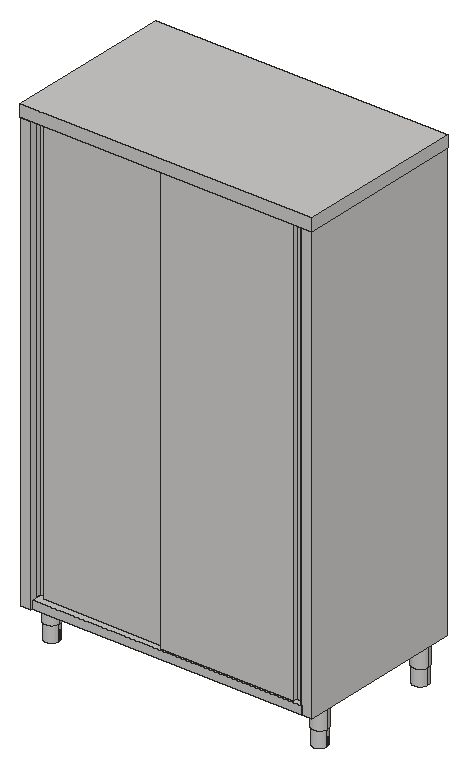
Revit family "QF_ELECTROLUXPROFESSIONAL_132889_SASH12N", category Attrezzature speciali, Revit 2020
Family settings
  Quota connettore circolare = Usa diametro
  Tipo di parte = Normale
  Basato su piano di lavoro = No
  Sempre verticale = Sì
  Taglio con vuoti quando caricato = No
  Condiviso = No
  Punto di calcolo locali = No
Parameters (values of type "Standard")
  Weight = 130.00 kg
  Watts = 0 W
  Volts = 0 V
  URL Manufacturer = "https://www.electroluxprofessional.com/"
  URL = "https://www.electroluxprofessional.com/"
  Steam Supply Size = 0 mm
  Steam Supply Minimum Pressure = 0.0 Pa
  Steam Supply Maximum Pressure = 0.0 Pa
  Steam Consumption per Hour = 0
  Refrigeration Suction Line Size = 0.0 mm
  Refrigeration Liquid Line Size = 0.0 mm
  Refrigerant Compressor Remote = yes
  Prospetto di default = 0.0 mm
  Phase = 0
  Modello = "SASH12N"
  Produttore = "Electrolux Professional"
  Length Actual = 1200.0 mm  # constant formula
  Item Number = "132889"
  Hot Water Size = 0 mm
  Height Actual = 2000.0 mm  # constant formula
  HP = "0 HP"
  Gas Size = 0 mm
  Gas KW = 0
  Gas Input Pressure = 0 W
  Direct Waste Size = 0 mm
  Descrizione = "STORAGE CAB(H=2000)+SLIDING DOORS 1200MM"
  Depth Actual = 700.0 mm  # constant formula
  Cycle = 0 Hz
  Condensate Return Size = 0 mm
  Compressed Air Volume = 0.0 L/s
  Compressed Air Size = 0 mm
  Compressed Air Pressure = 0.0 Pa
  Cold Water Size = 0 mm
  Accessory = yes
Reference planes
  plane 1 "Center (Front/Back)": y = 0
  plane 2: z = 0
  plane 3 "Center (Left/Right)": x = -300
  plane 4 "LEFT": x = -900
  plane 5 "RIGHT": x = 300
  plane 6 "BACK": y = 350
  plane 7 "FRONT": y = -350
  plane 8 "TOP": z = 2000
  plane 9: x = -852
  plane 10: x = 252
  plane 11: y = 270
  plane 12: y = -247
  plane 13 "FEET": z = 150
  plane 14: x = -854.5
  plane 15: y = -344.5
  plane 16: x = 254.5
  plane 17: x = -326.5
  plane 18: x = -273.5
  plane 19 "BaseTop": z = 1950
  plane 20: x = -894.5
  plane 21: x = 294.5
  plane 22: y = 344.5
Forms (mm)
  Extrusion 1, solid, material "QF_Finishes_Stainless Steel"
    sketch origin (0, 0, 150) x (-1, 0, 0) y (0, -1, 0)
      loop
        line (894.5, -350) -> (894.5, 350) -> (854.5, 350) -> (854.5, -350) -> (894.5, -350)
      loop
        line (-254.5, -350) -> (-254.5, 344.5) -> (-294.5, 344.5) -> (-294.5, -350) -> (-254.5, -350)
    from 0 to 1800
  Extrusion 2, solid, material "QF_Finishes_Stainless Steel"
    sketch origin (0, 0, 150) x (-1, 0, 0) y (0, -1, 0)
      loop
        line (854.5, -347) -> (854.5, 344.5) -> (-254.5, 344.5) -> (-254.5, -347) -> (854.5, -347)
    from 0 to 35
  Extrusion 3, solid, material "QF_Finishes_Stainless Steel"
    sketch origin (0, 0, 150) x (-1, 0, 0) y (0, -1, 0)
      loop
        line (-254.5, -350) -> (854.5, -350) -> (854.5, -327) -> (-254.5, -327) -> (-254.5, -350)
    from 1800 to 35
  Extrusion 4, solid, material "QF_Finishes_Stainless Steel"
    sketch origin (0, 0, 1950) x (-1, 0, 0) y (0, -1, 0)
      loop
        line (900, 350) -> (-300, 350) -> (-300, -350) -> (900, -350) -> (900, 350)
    from 0 to 50
  Extrusion 5, solid, material "QF_Finishes_Stainless Steel"
    sketch origin (33, 0, 150) x (-1, 0, 0) y (0, -1, 0)
      loop
        line (306.5, 324.5) -> (306.5, 304.5) -> (885, 304.5) -> (885, 324.5) -> (883, 324.5) -> (883, 309.5) -> (856.034, 309.5) -> (856.034, 324.5) -> (306.5, 324.5)
    from 1800 to 40
  Extrusion 6, solid, material "QF_Finishes_Stainless Steel"
    sketch origin (-633, 0, 150) x (1, 0, 0) y (0, 1, 0)
      loop
        line (306.5, -344.5) -> (856.034, -344.5) -> (856.034, -329.5) -> (883, -329.5) -> (883, -344.5) -> (885, -344.5) -> (885, -324.5) -> (306.5, -324.5) -> (306.5, -344.5)
    from 1800 to 40
Lines and regions (mm)
  symbolic lines, style "SpecialityEquipment"
    curve 1: line (-900, 350, 1950) -> (300, 350, 1950)
    curve 2: line (-900, -350, 1950) -> (-900, 350, 1950)
    curve 3: line (300, -350, 1950) -> (-900, -350, 1950)
    curve 4: line (300, 350, 1950) -> (300, -350, 1950)
  symbolic lines, style "SpecialityEquipmentHiddenLines"
    curve 5: line (-900, -350, 1950) -> (300, 350, 1950)
    curve 6: line (-326.5, -324.5, 200) -> (-326.5, -344.5, 200)
    curve 7: line (-852, -304.5, 1950) -> (-273.5, -304.5, 1950)
    curve 8: line (-273.5, -304.5, 1950) -> (-273.5, -324.5, 1950)
    curve 9: line (-273.5, -324.5, 1950) -> (-852, -324.5, 1950)
    curve 10: line (-852, -324.5, 1950) -> (-852, -304.5, 1950)
    curve 11: line (-326.5, -344.5, 1950) -> (252, -344.5, 1950)
    curve 12: line (252, -344.5, 1950) -> (252, -324.5, 1950)
    curve 13: line (252, -324.5, 1950) -> (-273.5, -324.5, 1950)
Dimensions and locks
  plane 4 "LEFT" to plane 5 "RIGHT" = 1200.0 mm
  equal spacing: plane 4 "LEFT", plane 3 "Center (Left/Right)", plane 5 "RIGHT"
  plane 6 "BACK" to plane 7 "FRONT" = 700.0 mm
  equal spacing: plane 6 "BACK", plane 1 "Center (Front/Back)", plane 7 "FRONT"
  locked: plane 13 "FEET" to level at 150
  locked: plane 4 "LEFT" to plane 9 at 48
  locked: plane 10 to plane 5 "RIGHT" at 48
  locked: plane 6 "BACK" to plane 11 at 80
  locked: plane 12 to plane 7 "FRONT" at 103
  locked: plane 8 "TOP" to level at 2000
  locked: plane 17 to plane 18 at 53
  equal spacing: plane 17, plane 3 "Center (Left/Right)", plane 18
  plane 4 "LEFT" to plane 20 = 5.5 mm
  locked: plane 20 to plane 14 at 40
  locked: plane 16 to plane 21 at 40
  locked: plane 21 to plane 5 "RIGHT" at 5.5
  plane 15 to plane 7 "FRONT" = 5.5 mm  (x2)
  plane 6 "BACK" to plane 22 = 5.5 mm
  locked: plane 8 "TOP" to plane 19 "BaseTop" at 50
  aligned and locked: level to plane 2
  aligned and locked: plane 9 to nested 1
  aligned and locked: plane 10 to nested 2
  aligned and locked: nested 4 to plane 11
  aligned and locked: plane 9 to nested 3
  aligned and locked: nested 3 to plane 11
  aligned and locked: plane 6 "BACK" to Extrusion 1 sketch curve
  aligned and locked: Extrusion 1 sketch curve to plane 6 "BACK"
  aligned and locked: Extrusion 1 sketch curve to plane 7 "FRONT"
  aligned and locked: plane 14 to Extrusion 1
  aligned and locked: Extrusion 2 to plane 14
  aligned and locked: Extrusion 2 to plane 15
  aligned and locked: nested 1 to plane 12
  aligned and locked: nested 2 to plane 12
  aligned and locked: Extrusion 2 sketch curve to plane 16
  aligned and locked: nested 4 to nested 2
  aligned and locked: plane 16 to Extrusion 3
  aligned and locked: Extrusion 3 to plane 14
  aligned and locked: plane 19 "BaseTop" to Extrusion 3
Automatic sketch dimensions
  Extrusion 1 sketch curve to plane 15 = 0.0 mm
  Extrusion 1 sketch curve to plane 21 = 0.0 mm
  Extrusion 1 sketch curve to plane 16 = 0.0 mm
  Extrusion 1 sketch curve to plane 14 = 0.0 mm
  Extrusion 1 sketch curve to plane 20 = 0.0 mm
  Extrusion 2 sketch curve to plane 14 = 0.0 mm
  Extrusion 2 sketch curve to plane 15 = 0.0 mm
  plane 22 to Extrusion 2 sketch curve = 2.5 mm
  curve 6 to plane 15 = 0.0 mm
  curve 6 to plane 17 = 0.0 mm
  plane 15 to curve 6 = 20.0 mm
  Extrusion 3 sketch curve to plane 6 "BACK" = 0.0 mm
  Extrusion 3 sketch curve to plane 16 = 0.0 mm
  Extrusion 3 sketch curve to plane 14 = 0.0 mm
  plane 22 to Extrusion 3 sketch curve = 17.5 mm
  Extrusion 4 sketch curve to plane 5 "RIGHT" = 0.0 mm
  Extrusion 4 sketch curve to plane 4 "LEFT" = 0.0 mm
  Extrusion 4 sketch curve to plane 6 "BACK" = 0.0 mm
  Extrusion 4 sketch curve to plane 7 "FRONT" = 0.0 mm
  Extrusion 5 sketch curve to plane 18 = 0.0 mm
  Extrusion 5 sketch curve to plane 9 = 0.0 mm
  plane 9 to Extrusion 5 sketch curve = 28.966 mm
  plane 9 to Extrusion 5 sketch curve = 2.0 mm
  plane 15 to Extrusion 5 sketch curve = 40.0 mm
  Extrusion 5 sketch curve to Extrusion 5 sketch curve = 5.0 mm
  Extrusion 5 sketch curve to Extrusion 5 sketch curve = 15.0 mm  (x2)
  Extrusion 6 sketch curve to plane 17 = 0.0 mm
  Extrusion 6 sketch curve to plane 15 = 0.0 mm  (x2)
  Extrusion 6 sketch curve to plane 10 = 0.0 mm
  plane 10 to Extrusion 6 sketch curve = 28.966 mm
  Extrusion 6 sketch curve to plane 15 = 15.0 mm
  Extrusion 6 sketch curve to Extrusion 6 sketch curve = 20.0 mm
  Extrusion 6 sketch curve to Extrusion 6 sketch curve = 2.0 mm
  curve 1 to plane 5 "RIGHT" = 0.0 mm
  curve 11 to plane 10 = 0.0 mm
  curve 8 to plane 18 = 0.0 mm
  curve 11 to plane 17 = 0.0 mm
  curve 9 to plane 9 = 0.0 mm
  curve 3 to plane 4 "LEFT" = 0.0 mm
  curve 1 to plane 6 "BACK" = 0.0 mm
  curve 12 to plane 15 = 0.0 mm
  curve 4 to plane 7 "FRONT" = 0.0 mm
  plane 15 to curve 8 = 40.0 mm
  curve 13 to curve 11 = 20.0 mm
Nested families
  nested 1: "FEET_D60-150" at (-852, -247, 0), type "FEET_D60-150"
  nested 2: "FEET_D60-150" at (252, -247, 0), type "FEET_D60-150"
  nested 3: "FEET_D60-150" at (-852, 270, 0), type "FEET_D60-150"
  nested 4: "FEET_D60-150" at (252, 270, 0), type "FEET_D60-150"
Definition of nested family "FEET_D60-150"
  Parameters
    Default Elevation = 0.0 mm
    FEET = 150.0 mm
  Reference planes
    plane 1 "Center (Front/Back)": y = 0
    plane 2: z = 0
    plane 3 "Center (Left/Right)": x = 0
    plane 4: z = 150
  Forms (mm)
    Extrusion 1, solid
      sketch origin (0, 0, 0) x (1, 0, 0) y (0, 1, 0)
        loop
          circle (0, 0) r 28
      from 0 to 67
    Revolve 2, solid
      sketch origin (0, 0, 0) x (1, 0, 0) y (0, 0, 1)
        loop
          line (0, 0) -> (0, 150) -> (-32.939, 150) -> (-32.939, 67) -> (-30, 67) -> (-30, 0) -> (0, 0)
        axis (0, 150) -> (0, 0)
      angle from 0 to 360
  Lines and regions (mm)
    symbolic lines
      curve 1: line (0, -1.503, 0) -> (0, 1.508, 0)
      curve 2: line (1.561, 0, 0) -> (-1.439, 0, 0)
  Dimensions and locks
    "FEET": plane 4 to plane 2
    aligned and locked: level to plane 2
  Automatic sketch dimensions
    plane 1 "Center (Front/Back)" to Extrusion 1 sketch curve = 0.0 mm
    Extrusion 1 sketch curve to plane 3 "Center (Left/Right)" = 0.0 mm
    plane 1 "Center (Front/Back)" to curve 2 = 0.0 mm
    curve 1 to plane 3 "Center (Left/Right)" = 0.0 mm
    curve 2 to plane 3 "Center (Left/Right)" = 1.439 mm
    plane 3 "Center (Left/Right)" to curve 2 = 1.561 mm
    plane 1 "Center (Front/Back)" to curve 1 = 1.503 mm
    curve 1 to plane 1 "Center (Front/Back)" = 1.508 mm
    Revolve 2 sketch curve to plane 4 = 0.0 mm
    Revolve 2 sketch curve to level = 0.0 mm
    Revolve 2 sketch curve to plane 3 "Center (Left/Right)" = 0.0 mm  (x2)
    Revolve 2 sketch curve to plane 3 "Center (Left/Right)" = 30.0 mm
    Revolve 2 sketch curve to plane 3 "Center (Left/Right)" = 32.939 mm
    level to Revolve 2 sketch curve = 67.0 mm
    Revolve 2 sketch curve to level = 42.207 mm
    Revolve 2 sketch curve to Revolve 2 sketch curve = 10.0 mm
    radius of Extrusion 1 sketch curve = 28.0 mm
